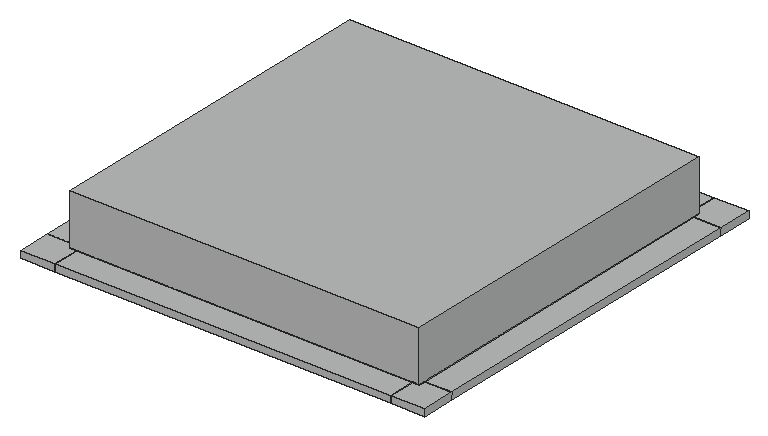
Revit family "ALUMOGIPS", category Осветительные приборы, Revit 2019 (continued)
Types (72, lengths in mm): name | Файл фотометрической сетки | built-in parameter 1150105 | Lumens | built-in parameter 1150106 | built-in parameter 1150142 | Wattage | Emit from Rectangle Width | Emit from Rectangle Length | Длина | Материал светильника | Ширина | ADSK_Ток | ADSK_Полная мощность | ADSK_Обозначение | ADSK_Номинальная мощность | ADSK_Наименование | ADSK_Масса | ADSK_Код изделия
     965.548 925.588 885.431 844.090 803.143 760.717 718.389 675.666 632.549 589.038 545.723 502.310 459.390 416.569 373.550 331.617 290.474 250.119 210.948 172.863 \r\n134.679 100.541 68.178 37.591 9.669 0.592 0.592 0.592 0.493 0.493 0.493 0.493 0.493 0.493 0.493 0.493 0.395 0.395 0.395 0.395 0.395 0.395 0.395 0.296 0.296 0.296 0.296 0.296 0.296 0.296 0.296 0.197 \r\n0.197 0.197 0.197 0.197 0.197 0.197 0.197 0.098 0.098 0.098 0.098 0.098 0.098 0.098 0.098 0.000 0.000 0.000 0.000 \r\n1417.637 1416.551 1412.309 1405.895 1396.621 1385.373 1371.559 1354.786 1336.237 1315.419 1292.232 1266.875 1239.742 1210.733 1179.851 1147.390 1113.942 1078.816 \r\n1042.310 1004.521 966.238 926.279 886.121 844.879 803.834 761.408 719.080 676.357 633.240 589.728 546.315 502.902 459.982 417.062 374.043 332.110 290.967 250.513 211.343 173.258 \r\n135.074 100.837 68.376 37.888 9.965 0.592 0.592 0.592 0.493 0.493 0.493 0.493 0.493 0.493 0.493 0.493 0.395 0.395 0.395 0.395 0.395 0.395 0.395 0.296 0.296 0.296 0.296 0.296 0.296 0.296 0.296 0.197 \r\n0.197 0.197 0.197 0.197 0.197 0.197 0.197 0.098 0.098 0.098 0.098 0.098 0.098 0.098 0.098 0.000 0.000 0.000 0.000 \r\n1417.637 1416.650 1412.407 1406.093 1396.917 1385.669 1371.954 1355.181 1336.632 1315.912 1292.725 1267.368 1240.334 1211.325 1180.443 1147.982 1114.633 1079.409 \r\n1042.903 1005.212 966.929 926.969 886.812 845.569 804.524 762.098 719.770 677.048 633.832 590.320 546.907 503.494 460.574 417.654 374.636 332.603 291.460 250.908 211.738 173.653 \r\n135.371 101.133 68.671 38.086 10.163 0.592 0.592 0.592 0.493 0.493 0.493 0.493 0.493 0.493 0.493 0.493 0.395 0.395 0.395 0.395 0.395 0.395 0.395 0.296 0.296 0.296 0.296 0.296 0.296 0.296 0.296 0.197 \r\n0.197 0.197 0.197 0.197 0.197 0.197 0.197 0.098 0.098 0.098 0.098 0.098 0.098 0.098 0.098 0.000 0.000 0.000 0.000 \r\n1417.637 1416.650 1412.506 1406.191 1397.114 1385.866 1372.250 1355.576 1337.027 1316.307 1293.218 1267.861 1240.827 1211.918 1181.035 1148.672 1115.225 1080.099 \r\n1043.593 1005.902 967.620 927.660 887.503 846.260 805.215 762.789 720.461 677.739 634.523 591.011 547.598 504.086 461.166 418.247 375.129 333.098 291.855 251.401 212.132 173.948 \r\n135.666 101.429 68.968 38.381 10.360 0.592 0.592 0.592 0.493 0.493 0.493 0.493 0.493 0.493 0.493 0.493 0.395 0.395 0.395 0.395 0.395 0.395 0.395 0.296 0.296 0.296 0.296 0.296 0.296 0.296 0.296 0.197 \r\n0.197 0.197 0.197 0.197 0.197 0.197 0.197 0.098 0.098 0.098 0.098 0.098 0.098 0.098 0.098 0.000 0.000 0.000 0.000 \r\n1417.637 1416.650 1412.604 1406.389 1397.311 1386.162 1372.546 1355.871 1337.421 1316.701 1293.613 1268.355 1241.320 1212.411 1181.627 1149.265 1115.816 1080.691 \r\n1044.284 1006.593 968.212 928.351 888.194 846.951 805.906 763.479 721.151 678.429 635.213 591.702 548.190 504.777 461.758 418.740 375.721 333.591 292.348 251.796 212.527 174.343 \r\n135.962 101.627 69.165 38.579 10.557 0.592 0.592 0.592 0.493 0.493 0.493 0.493 0.493 0.493 0.493 0.395 0.395 0.395 0.395 0.395 0.395 0.395 0.395 0.296 0.296 0.296 0.296 0.296 0.296 0.296 0.296 0.197 \r\n0.197 0.197 0.197 0.197 0.197 0.197 0.197 0.098 0.098 0.098 0.098 0.098 0.098 0.098 0.098 0.000 0.000 0.000 0.000 \r\n1417.637 1416.749 1412.704 1406.586 1397.607 1386.458 1372.941 1356.266 1337.815 1317.095 1294.106 1268.848 1241.813 1213.003 1182.219 1149.856 1116.409 1081.382 \r\n1044.876 1007.283 968.902 929.042 888.885 847.642 806.597 764.170 721.843 679.120 635.806 592.293 548.881 505.368 462.351 419.332 376.214 334.084 292.841 252.191 212.922 174.738 \r\n136.357 101.922 69.461 38.776 10.853 0.592 0.592 0.592 0.493 0.493 0.493 0.493 0.493 0.493 0.493 0.395 0.395 0.395 0.395 0.395 0.395 0.395 0.395 0.296 0.296 0.296 0.296 0.296 0.296 0.296 0.296 0.197 \r\n0.197 0.197 0.197 0.197 0.197 0.197 0.197 0.098 0.098 0.098 0.098 0.098 0.098 0.098 0.098 0.000 0.000 0.000 0.000 \r\n1417.637 1416.749 1412.802 1406.684 1397.805 1386.754 1373.237 1356.661 1338.210 1317.589 1294.599 1269.341 1242.406 1213.496 1182.811 1150.448 1117.099 1081.974 \r\n1045.566 1007.974 969.593 929.732 889.575 848.333 807.287 764.861 722.533 679.712 636.496 592.985 549.472 505.960 462.942 419.825 376.707 334.577 293.236 252.684 213.317 175.034 \r\n136.652 102.218 69.659 39.072 11.051 0.592 0.592 0.592 0.493 0.493 0.493 0.493 0.493 0.493 0.493 0.395 0.395 0.395 0.395 0.395 0.395 0.395 0.395 0.296 0.296 0.296 0.296 0.296 0.296 0.296 0.296 0.197 \r\n0.197 0.197 0.197 0.197 0.197 0.197 0.197 0.098 0.098 0.098 0.098 0.098 0.098 0.098 0.098 0.000 0.000 0.000 0.000 \r\n1417.637 1416.848 1412.901 1406.882 1398.002 1387.051 1373.533 1356.957 1338.605 1317.983 1294.994 1269.834 1242.899 1214.089 1183.403 1151.041 1117.692 1082.665 \r\n1046.257 1008.566 970.284 930.423 890.266 849.121 807.978 765.552 723.224 680.403 637.187 593.675 550.163 506.553 463.534 420.416 377.300 335.071 293.729 253.079 213.712 175.429 \r\n136.949 102.515 69.954 39.269 11.248 0.592 0.592 0.592 0.493 0.493 0.493 0.493 0.493 0.493 0.493 0.395 0.395 0.395 0.395 0.395 0.395 0.395 0.395 0.296 0.296 0.296 0.296 0.296 0.296 0.296 0.296 0.197 \r\n0.197 0.197 0.197 0.197 0.197 0.197 0.197 0.098 0.098 0.098 0.098 0.098 0.098 0.098 0.098 0.000 0.000 0.000 0.000 \r\n1417.637 1416.848 1412.999 1407.079 1398.298 1387.247 1373.829 1357.352 1339.000 1318.378 1295.488 1270.327 1243.392 1214.680 1183.995 1151.731 1118.283 1083.257 \r\n1046.849 1009.257 970.975 931.113 891.055 849.813 808.668 766.242 723.914 681.093 637.779 594.266 550.755 507.145 464.126 421.009 377.793 335.564 294.222 253.474 214.105 175.823 \r\n137.343 102.810 70.250 39.467 11.445 0.592 0.592 0.592 0.493 0.493 0.493 0.493 0.493 0.493 0.493 0.395 0.395 0.395 0.395 0.395 0.395 0.395 0.395 0.296 0.296 0.296 0.296 0.296 0.296 0.296 0.296 0.197 \r\n0.197 0.197 0.197 0.197 0.197 0.197 0.197 0.098 0.098 0.098 0.098 0.098 0.098 0.098 0.098 0.000 0.000 0.000 0.000 \r\n1417.637 1416.946 1413.098 1407.178 1398.495 1387.544 1374.223 1357.747 1339.395 1318.773 1295.882 1270.822 1243.886 1215.174 1184.587 1152.323 1118.974 1083.848 \r\n1047.540 1009.947 971.665 931.903 891.746 850.503 809.359 766.933 724.507 681.784 638.470 594.958 551.445 507.836 464.718 421.502 378.287 336.057 294.617 253.967 214.500 176.119 \r\n137.640 103.106 70.447 39.762 11.741 0.592 0.592 0.592 0.493 0.493 0.493 0.493 0.493 0.493 0.493 0.395 0.395 0.395 0.395 0.395 0.395 0.395 0.395 0.296 0.296 0.296 0.296 0.296 0.296 0.296 0.296 0.197 \r\n0.197 0.197 0.197 0.197 0.197 0.197 0.197 0.098 0.098 0.098 0.098 0.098 0.098 0.098 0.098 0.000 0.000 0.000 0.000 \r\n1417.637 1416.946 1413.197 1407.376 1398.693 1387.839 1374.520 1358.042 1339.789 1319.168 1296.376 1271.315 1244.477 1215.765 1185.179 1152.915 1119.566 1084.539 \r\n1048.230 1010.638 972.356 932.594 892.436 851.194 810.050 767.623 725.197 682.474 639.160 595.649 552.038 508.427 465.310 422.094 378.878 336.550 295.111 254.362 214.895 176.514 \r\n137.935 103.403 70.744 39.960 11.939 0.592 0.592 0.592 0.493 0.493 0.493 0.493 0.493 0.493 0.493 0.395 0.395 0.395 0.395 0.395 0.395 0.395 0.395 0.296 0.296 0.296 0.296 0.296 0.296 0.296 0.296 0.197 \r\n0.197 0.197 0.197 0.197 0.197 0.197 0.197 0.098 0.098 0.098 0.098 0.098 0.098 0.098 0.098 0.000 0.000 0.000 0.000 \r\n1417.637 1417.044 1413.295 1407.474 1398.890 1388.135 1374.815 1358.437 1340.184 1319.661 1296.869 1271.808 1244.971 1216.258 1185.673 1153.507 1120.158 1085.131 \r\n1048.823 1011.329 973.046 933.284 893.127 851.884 810.741 768.314 725.888 683.165 639.752 596.240 552.728 509.019 465.902 422.686 379.371 337.044 295.505 254.757 215.388 176.909 \r\n138.232 103.698 70.942 40.157 12.136 0.592 0.592 0.592 0.493 0.493 0.493 0.493 0.493 0.493 0.493 0.395 0.395 0.395 0.395 0.395 0.395 0.395 0.395 0.296 0.296 0.296 0.296 0.296 0.296 0.296 0.296 0.197 \r\n0.197 0.197 0.197 0.197 0.197 0.197 0.197 0.098 0.098 0.098 0.098 0.098 0.098 0.098 0.098 0.000 0.000 0.000 0.000 \r\n1417.637 1417.044 1413.394 1407.671 1399.187 1388.333 1375.111 1358.832 1340.578 1320.056 1297.264 1272.301 1245.464 1216.851 1186.264 1154.099 1120.849 1085.822 \r\n1049.513 1012.020 973.737 933.975 893.818 852.575 811.432 769.004 726.578 683.855 640.443 596.930 553.321 509.611 466.494 423.180 379.964 337.537 295.999 255.250 215.783 177.304 \r\n138.626 103.994 71.237 40.453 12.333 0.592 0.592 0.592 0.493 0.493 0.493 0.493 0.493 0.493 0.493 0.395 0.395 0.395 0.395 0.395 0.395 0.395 0.395 0.296 0.296 0.296 0.296 0.296 0.296 0.296 0.296 0.197 \r\n0.197 0.197 0.197 0.197 0.197 0.197 0.197 0.098 0.098 0.098 0.098 0.098 0.098 0.098 0.098 0.000 0.000 0.000 0.000 \r\n1417.637 1417.143 1413.492 1407.869 1399.383 1388.629 1375.506 1359.226 1340.973 1320.451 1297.757 1272.795 1246.056 1217.443 1186.856 1154.790 1121.441 1086.414 \r\n1050.204 1012.711 974.428 934.665 894.508 853.365 812.122 769.695 727.269 684.448 641.134 597.523 554.011 510.203 467.086 423.772 380.457 338.031 296.492 255.645 216.178 177.599 \r\n138.922 104.291 71.533 40.650 12.629 0.592 0.592 0.592 0.493 0.493 0.493 0.493 0.493 0.493 0.493 0.395 0.395 0.395 0.395 0.395 0.395 0.395 0.395 0.296 0.296 0.296 0.296 0.296 0.296 0.296 0.296 0.197 \r\n0.197 0.197 0.197 0.197 0.197 0.197 0.197 0.098 0.098 0.098 0.098 0.098 0.098 0.098 0.098 0.000 0.000 0.000 0.000 \r\n1417.637 1417.143 1413.592 1407.967 1399.580 1388.925 1375.803 1359.523 1341.367 1320.845 1298.250 1273.288 1246.550 1217.936 1187.448 1155.382 1122.032 1087.105 \r\n1050.894 1013.401 975.119 935.356 895.199 854.055 812.813 770.386 727.959 685.138 641.725 598.213 554.603 510.795 467.678 424.265 380.951 338.524 296.887 256.038 216.573 177.994 \r\n139.218 104.586 71.730 40.848 12.826 0.592 0.592 0.493 0.493 0.493 0.493 0.493 0.493 0.493 0.493 0.395 0.395 0.395 0.395 0.395 0.395 0.395 0.395 0.296 0.296 0.296 0.296 0.296 0.296 0.296 0.296 0.197 \r\n0.197 0.197 0.197 0.197 0.197 0.197 0.197 0.098 0.098 0.098 0.098 0.098 0.098 0.098 0.098 0.000 0.000 0.000 0.000 \r\n1417.637 1417.242 1413.690 1408.165 1399.877 1389.220 1376.098 1359.917 1341.762 1321.339 1298.645 1273.781 1247.043 1218.528 1188.041 1155.974 1122.723 1087.697 \r\n1051.487 1013.993 975.810 936.046 895.889 854.746 813.503 771.077 728.650 685.829 642.416 598.904 555.294 511.486 468.270 424.857 381.542 339.018 297.380 256.533 216.967 178.389 \r\n139.613 104.882 72.026 41.143 13.024 0.592 0.592 0.493 0.493 0.493 0.493 0.493 0.493 0.493 0.493 0.395 0.395 0.395 0.395 0.395 0.395 0.395 0.395 0.296 0.296 0.296 0.296 0.296 0.296 0.296 0.296 0.197 \r\n0.197 0.197 0.197 0.197 0.197 0.197 0.197 0.098 0.098 0.098 0.098 0.098 0.098 0.098 0.098 0.000 0.000 0.000 0.000 \r\n1417.637 1417.242 1413.789 1408.362 1400.075 1389.517 1376.394 1360.311 1342.157 1321.733 1299.138 1274.274 1247.536 1219.022 1188.632 1156.566 1123.315 1088.388 \r\n1052.177 1014.684 976.500 936.738 896.581 855.436 814.194 771.768 729.341 686.519 643.107 599.496 555.885 512.078 468.862 425.449 382.035 339.511 297.873 256.926 217.362 178.685 \r\n139.909 105.079 72.223 41.341 13.221 0.592 0.592 0.493 0.493 0.493 0.493 0.493 0.493 0.493 0.493 0.395 0.395 0.395 0.395 0.395 0.395 0.395 0.395 0.296 0.296 0.296 0.296 0.296 0.296 0.296 0.296 0.197 \r\n0.197 0.197 0.197 0.197 0.197 0.197 0.197 0.098 0.098 0.098 0.098 0.098 0.098 0.098 0.098 0.000 0.000 0.000 0.000 \r\n1417.637 1417.341 1413.986 1408.461 1400.271 1389.715 1376.789 1360.608 1342.552 1322.128 1299.632 1274.768 1248.128 1219.614 1189.224 1157.256 1123.907 1088.980 \r\n1052.868 1015.374 977.191 937.428 897.369 856.127 814.884 772.458 730.032 687.211 643.698 600.187 556.577 512.670 469.454 425.942 382.529 340.004 298.268 257.321 217.756 179.080 \r\n140.204 105.376 72.520 41.538 13.517 0.592 0.592 0.493 0.493 0.493 0.493 0.493 0.493 0.493 0.493 0.395 0.395 0.395 0.395 0.395 0.395 0.395 0.395 0.296 0.296 0.296 0.296 0.296 0.296 0.296 0.296 0.197 \r\n0.197 0.197 0.197 0.197 0.197 0.197 0.197 0.098 0.098 0.098 0.098 0.098 0.098 0.098 0.098 0.000 0.000 0.000 0.000 \r\n1417.637 1417.341 1414.085 1408.658 1400.568 1390.010 1377.085 1361.002 1342.947 1322.522 1300.026 1275.261 1248.621 1220.205 1189.817 1157.849 1124.598 1089.670 \r\n1053.460 1016.065 977.881 938.119 898.060 856.917 815.575 773.149 730.722 687.901 644.390 600.877 557.168 513.262 470.046 426.534 383.121 340.497 298.761 257.814 218.151 179.473 \r\n140.501 105.672 72.816 41.835 13.714 0.592 0.592 0.493 0.493 0.493 0.493 0.493 0.493 0.493 0.493 0.395 0.395 0.395 0.395 0.395 0.395 0.395 0.395 0.296 0.296 0.296 0.296 0.296 0.296 0.296 0.296 0.197 \r\n0.197 0.197 0.197 0.197 0.197 0.197 0.197 0.098 0.098 0.098 0.098 0.098 0.098 0.098 0.098 0.000 0.000 0.000 0.000 \r\n1417.637 1417.439 1414.183 1408.855 1400.765 1390.306 1377.381 1361.397 1343.341 1323.015 1300.520 1275.656 1249.114 1220.699 1190.408 1158.440 1125.190 1090.262 \r\n1054.151 1016.755 978.473 938.809 898.750 857.607 816.266 773.839 731.413 688.592 645.080 601.469 557.859 513.854 470.638 427.126 383.615 340.990 299.254 258.209 218.546 179.770 \r\n140.896 105.967 73.013 42.031 13.912 0.592 0.592 0.493 0.493 0.493 0.493 0.493 0.493 0.493 0.493 0.395 0.395 0.395 0.395 0.395 0.395 0.395 0.395 0.296 0.296 0.296 0.296 0.296 0.296 0.296 0.296 0.197 \r\n0.197 0.197 0.197 0.197 0.197 0.197 0.197 0.098 0.098 0.098 0.098 0.098 0.098 0.098 0.098 0.000 0.000 0.000 0.000 \r\n1417.637 1417.439 1414.282 1408.954 1400.963 1390.603 1377.677 1361.792 1343.735 1323.410 1301.014 1276.149 1249.608 1221.291 1191.000 1159.032 1125.782 1090.953 \r\n1054.841 1017.446 979.164 939.500 899.442 858.298 816.957 774.530 732.103 689.184 645.672 602.160 558.451 514.446 471.230 427.619 384.108 341.484 299.649 258.604 218.940 180.165 \r\n141.191 106.264 73.309 42.229 14.208 0.592 0.592 0.493 0.493 0.493 0.493 0.493 0.493 0.493 0.493 0.395 0.395 0.395 0.395 0.395 0.395 0.395 0.395 0.296 0.296 0.296 0.296 0.296 0.296 0.296 0.296 0.197 \r\n0.197 0.197 0.197 0.197 0.197 0.197 0.197 0.098 0.098 0.098 0.098 0.098 0.098 0.098 0.098 0.000 0.000 0.000 0.000 \r\n1417.637 1417.538 1414.380 1409.152 1401.258 1390.898 1378.072 1362.087 1344.130 1323.805 1301.408 1276.643 1250.200 1221.784 1191.593 1159.625 1126.374 1091.545 \r\n1055.433 1018.137 979.855 940.290 900.133 858.988 817.647 775.221 732.794 689.875 646.362 602.851 559.043 515.137 471.822 428.212 384.700 341.977 300.142 259.097 219.335 180.559 \r\n141.487 106.560 73.506 42.525 14.405 0.592 0.592 0.493 0.493 0.493 0.493 0.493 0.493 0.493 0.493 0.395 0.395 0.395 0.395 0.395 0.395 0.395 0.395 0.296 0.296 0.296 0.296 0.296 0.296 0.296 0.296 0.197 \r\n0.197 0.197 0.197 0.197 0.197 0.197 0.197 0.098 0.098 0.098 0.098 0.098 0.098 0.098 0.098 0.000 0.000 0.000 0.000 \r\n1417.637 1417.538 1414.480 1409.250 1401.456 1391.096 1378.367 1362.482 1344.525 1324.200 1301.902 1277.136 1250.693 1222.376 1192.184 1160.315 1127.064 1092.235 \r\n1056.124 1018.828 980.545 940.980 900.823 859.679 818.338 776.010 733.485 690.565 647.054 603.443 559.734 515.728 472.414 428.705 385.193 342.470 300.537 259.492 219.730 180.856 \r\n141.882 106.855 73.802 42.723 14.602 0.592 0.592 0.493 0.493 0.493 0.493 0.493 0.493 0.493 0.493 0.395 0.395 0.395 0.395 0.395 0.395 0.395 0.395 0.296 0.296 0.296 0.296 0.296 0.296 0.296 0.296 0.197 \r\n0.197 0.197 0.197 0.197 0.197 0.197 0.197 0.098 0.098 0.098 0.098 0.098 0.098 0.098 0.098 0.000 0.000 0.000 0.000 \r\n1417.637 1417.637 1414.578 1409.447 1401.653 1391.391 1378.663 1362.877 1344.920 1324.693 1302.395 1277.630 1251.187 1222.968 1192.678 1160.908 1127.657 1092.827 \r\n1056.814 1019.419 981.236 941.671 901.514 860.369 819.028 776.701 734.175 691.256 647.645 604.133 560.326 516.320 473.006 429.297 385.785 342.963 301.030 259.887 220.125 181.249 \r\n142.178 107.152 74.099 42.920 14.800 0.592 0.592 0.493 0.493 0.493 0.493 0.493 0.493 0.493 0.493 0.395 0.395 0.395 0.395 0.395 0.395 0.395 0.395 0.296 0.296 0.296 0.296 0.296 0.296 0.296 0.296 0.197 \r\n0.197 0.197 0.197 0.197 0.197 0.197 0.197 0.098 0.098 0.098 0.098 0.098 0.098 0.098 0.098 0.000 0.000 0.000 0.000 \r\n1417.637 1417.637 1414.677 1409.645 1401.851 1391.688 1378.960 1363.173 1345.314 1325.088 1302.790 1278.123 1251.680 1223.461 1193.269 1161.499 1128.249 1093.518 \r\n1057.406 1020.110 981.926 942.361 902.204 861.159 819.719 777.391 734.867 691.946 648.335 604.726 561.017 516.913 473.598 429.888 386.279 343.458 301.524 2
